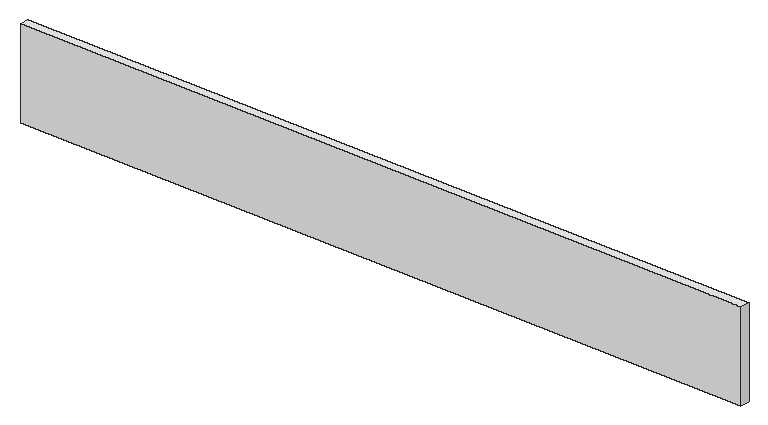
Revit family
Parameters (values of type "15X150")
  시작 확장 계산 [instance] = 3012.5 mm + 시작 확장  # 3000 mm
  시작 확장 [instance] = -12.5 mm
  Length [instance] = 1500 mm
  b = 15 mm
  d = 150 mm
  끝 확장 계산 [instance] = 3012.5 mm + 끝 확장  # 3000 mm
  끝 확장 [instance] = -12.5 mm
  보 재료 [instance] = 금속 - 스틸 - 345 MPa
Reference planes
  plane 1 "중심(앞/뒤)": y = 0
  plane 2: z = 0
  plane 3 "중심(왼쪽/오른쪽)": x = 4.61
  plane 4 "왼쪽 부재": x = -604.99
  plane 5 "오른쪽 부재": x = 614.21
  plane 6: y = 7.5
  plane 7: y = -7.5
  plane 8 "상단": z = 75
  plane 9: z = -75
  plane 10 "왼쪽": x = -757.39
  plane 11 "오른쪽": x = 742.61
  plane 12: x = -604.99
  plane 13: x = 614.21
  plane 14: x = 2395.01
  plane 15: x = -2385.79
Forms (mm)
  Sweep 1, solid, material "금속 - 스틸 - 345 MPa" <- "보 재료", detail levels medium+fine
    path origin (0, 0, 0) x (1, 0, 0) y (0, 1, 0)
      loop
        line (614.21, 0) -> (-604.99, 0)
    profile "M_직사각형 보-프로파일 : M_직사각형 보-프로파일" origin (4.61, 0, 0) x (0, -1, 0) y (0, 0, 1)
      loop
        line (-7.5, -75) -> (7.5, -75) -> (7.5, 75) -> (-7.5, 75) -> (-7.5, -75)
Lines and regions (mm)
  symbolic lines, style "기호 부착", detail levels coarse
    curve 1: line (4.61, 7.5, 75) -> (4.61, -7.5, 75)
    curve 2: line (4.61, 7.5, -75) -> (4.61, 7.5, 75)
    curve 3: line (4.61, -7.5, -75) -> (4.61, 7.5, -75)
    curve 4: line (4.61, -7.5, 75) -> (4.61, -7.5, -75)
Dimensions and locks
  "b": plane 6 to plane 7
  "d": plane 9 to plane 8 "상단"
  equal spacing: plane 9, plane 2, plane 8 "상단"
  equal spacing: plane 6, plane 1 "중심(앞/뒤)", plane 7
  "Length": plane 10 "왼쪽" to plane 11 "오른쪽"
  locked: plane 15 to plane 5 "오른쪽 부재" at 3000
  locked: plane 4 "왼쪽 부재" to plane 14 at 3000
  "끝 확장 계산": plane 15 to plane 13
  "시작 확장 계산": plane 12 to plane 14
  aligned and locked: Sweep 1 sketch curve to plane 1 "중심(앞/뒤)"
  aligned and locked: curve 1 to Sweep 1
  aligned and locked: curve 2 to Sweep 1
  aligned and locked: curve 3 to Sweep 1
  aligned and locked: curve 4 to Sweep 1
  aligned and locked: plane 12 to Sweep 1 sketch curve
  aligned and locked: plane 13 to Sweep 1 sketch curve
